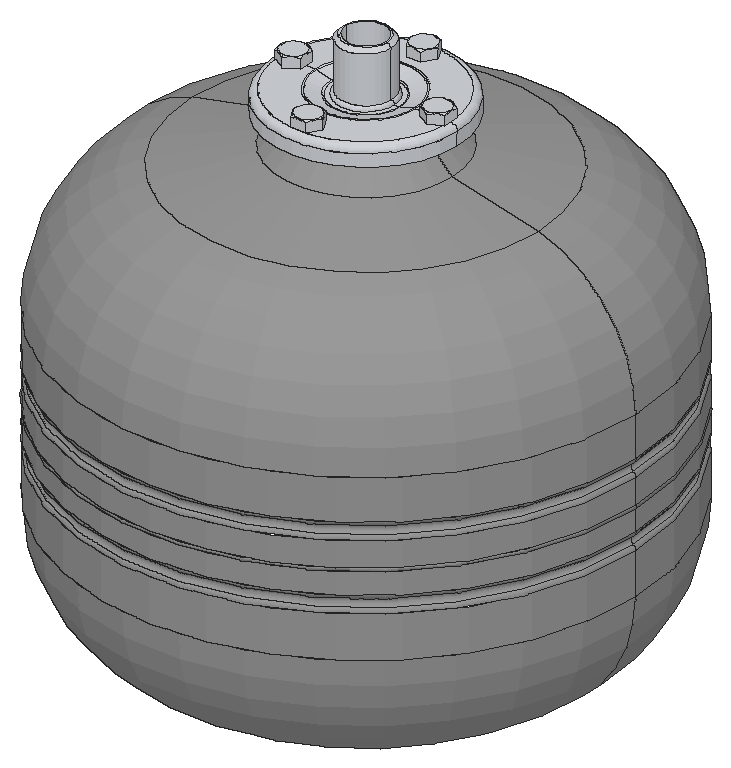
Revit family "WDV 12", category Оборудование, Revit 2014
Parameters
  Описание = "Мембранный бак для ГВС V=12л, Py=12бар, 3/4\""
  Материал крышки = Черная резина
  Матеарил = Белая краска
  Масса кг = "2.2"
  Крышка [instance] = yes
  Комментарии к типоразмеру = "WDV 12"
  Изготовитель = "WESTER"  # constant formula
  URL = "http://www.wester.su/"
Reference planes
  plane 1 "По центру (Вперед/Назад)": y = 0
  plane 2: z = 0
  plane 3 "По центру (Влево/Вправо)": x = 0
  plane 4: z = 161.5
Forms (mm)
  Revolve 1, solid, material "Белая краска" <- "Матеарил"
    sketch origin (-161.5, 0, 141.055) x (0, 0, -1) y (1, 0, 0)
      loop
        line (54.946, 301.504) -> (33.372, 301.504)
        arc (33.372, 301.504) -> (32.108, 301.194) -> (31.13, 300.336) r 2.737
        arc (31.13, 300.336) -> (29.023, 299.111) -> (26.893, 300.295) r 2.465
        arc (26.893, 300.295) -> (25.907, 301.183) -> (24.621, 301.504) r 2.741
        line (24.621, 301.504) -> (13.711, 301.504)
        arc (13.711, 301.504) -> (12.858, 301.772) -> (12.005, 301.504) r 1.491
        line (12.005, 301.504) -> (-0.61, 301.504)
        arc (-0.61, 301.504) -> (-1.897, 301.183) -> (-2.882, 300.295) r 2.741
        arc (-2.882, 300.295) -> (-5.013, 299.111) -> (-7.119, 300.336) r 2.465
        arc (-7.119, 300.336) -> (-8.098, 301.194) -> (-9.361, 301.504) r 2.737
        line (-9.361, 301.504) -> (-30.001, 301.504)
        arc (-30.001, 301.504) -> (-72.022, 287.497) -> (-97.237, 251.081) r 70.04
        arc (-97.237, 251.081) -> (-102.87, 228.789) -> (-106.868, 206.147) r 316.121
        line (-106.868, 206.147) -> (-122.443, 190.572) -> (-122.443, 161.5) -> (124.057, 161.5) -> (124.057, 168.355)
        arc (124.057, 168.355) -> (124.128, 168.929) -> (124.385, 169.448) r 1.727
        line (124.385, 169.448) -> (133.11, 181.457)
        arc (133.11, 181.457) -> (133.947, 183.297) -> (133.994, 185.319) r 5.05
        arc (133.994, 185.319) -> (129.842, 218.58) -> (122.141, 251.204) r 311.646
        arc (122.141, 251.204) -> (96.914, 287.536) -> (54.946, 301.504) r 70.032
      axis (-122.443, 161.5) -> (133.994, 161.5)
    angle from 0 to 360
  Revolve 2, solid
    sketch origin (0, 0, -5.061) x (1, 0, 0) y (0, 0, 1)
      loop
        line (0, 268.559) -> (47.492, 268.559) -> (47.492, 274.974)
        arc (47.492, 274.974) -> (46.496, 277.464) -> (44.023, 278.5) r 3.47
        line (44.023, 278.5) -> (26.157, 278.5)
        arc (26.157, 278.5) -> (25.726, 278.448) -> (25.304, 278.35) r 3.918
        line (25.304, 278.35) -> (17.835, 276.159)
        arc (17.835, 276.159) -> (17.456, 276.04) -> (17.06, 276) r 1.968
        line (17.06, 276) -> (14.531, 276)
        arc (14.531, 276) -> (14.187, 277.207) -> (13.224, 278.012) r 2.132
        line (13.224, 278.012) -> (13.224, 302.006) -> (11.23, 304) -> (10.273, 304) -> (10.273, 278.5) -> (0, 278.5) -> (0, 268.559)
      axis (0, 304) -> (0, 268.559)
    angle from 0 to 360
  Revolve 3, solid
    sketch origin (0, 0, 0) x (1, 0, 0) y (0, 0, 1)
      loop
        line (3.985, 0.986) -> (3.985, 12.498) -> (6.063, 12.498) -> (6.063, 16.998) -> (0, 16.998) -> (0, 3.844) -> (1.586, 3.844) -> (2.15, 3.281) -> (2.15, -0.002) -> (2.997, -0.002) -> (3.985, 0.986)
      axis (0, 16.998) -> (0, -0.002)
    angle from 0 to 360
  Revolve 4, solid, material "Черная резина" <- "Материал крышки", visible <- "Крышка"
    sketch origin (0, 0, 0) x (1, 0, 0) y (0, 0, 1)
      loop
        line (0, -1.16) -> (0, 16.998) -> (-6.855, 16.998) -> (-22.122, 6.308) -> (-14.655, -1.16) -> (0, -1.16)
      axis (0, 16.998) -> (0, -1.16)
    angle from 0 to 360
Dimensions and locks
  aligned and locked: level to plane 2
Nested families
  nested 1: "Болт" at (37.5, 0, 273.498) x (0, -1, 0) z (0, 0, 1), type "Болт"
  nested 2: "Болт" at (0, -37.365, 273.498), type "Болт"
  nested 3: "Болт" at (-37.5, 0, 273.498) x (0, -1, 0) z (0, 0, 1), type "Болт"
  nested 4: "Болт" at (0, 37.635, 273.498), type "Болт"
Connectors
  piping at (0, 0, 298.939), diameter 20
    settings: on Revolve 2, index 1, connector inside diameter 609.6 mm, connector length 0 mm, flow factor 0, pipe flow 0.0 L/s, pressure drop 0.0 Pa, fitting loss kfactor 0, connector angle 0.00°, fixture units 0, engagement length 0 mm, angle of deflection 0.00°, flow configuration 1, flow direction 0, fitting loss method 0, system type 29, joint type 0, gender type 0, connector reference index -1, connector utility 0, adjustable connector no, is connector primary yes, connector description ""
Definition of nested family "Болт"
  Parameters (values of type "Болт")
    Default Elevation = 1219.2 mm
  Reference planes
    plane 1 "По центру (Вперед/Назад)": y = 0
    plane 2: z = 0
    plane 3 "По центру (Влево/Вправо)": x = 0
  Forms (mm)
    Extrusion 1, solid
      sketch origin (0, 0, 0) x (1, 0, 0) y (0, 1, 0)
        loop
          line (-1219.2, 1219.2) -> (-1219.2, -1219.2) -> (1219.2, -1219.2) -> (1219.2, 1219.2) -> (-1219.2, 1219.2)
      from 0 to -304.8
    Extrusion 2, solid, detail levels medium+fine
      sketch origin (0, 0, 0) x (0, 1, 0) y (-1, 0, 0)
        loop
          line (-6.5, -3.753) -> (0, -7.506) -> (6.5, -3.753) -> (6.5, 3.753) -> (0, 7.506) -> (-6.5, 3.753) -> (-6.5, -3.753)
      from 0 to 5.3
    Extrusion 3, solid, detail levels medium+fine
      sketch origin (0, 0, 0) x (1, 0, 0) y (0, 1, 0)
        loop
          circle (0, 0) r 4
      from -14 to 0
    Revolve 4, void
      sketch origin (0, 0, 0) x (1, 0, 0) y (0, 0, 1)
        loop
          line (-7.506, 4.447) -> (-6.413, 5.3) -> (-7.506, 5.3) -> (-7.506, 4.447)
        axis (0, 5.3) -> (0, 4.3)
      angle from 0 to 360
    Revolve 5, void
      sketch origin (0, 0, 0) x (1, 0, 0) y (0, 0, 1)
        loop
          line (-4, -14) -> (-2.365, -14) -> (-4, -12.365) -> (-4, -14)
        axis (0, -12.365) -> (0, -14)
      angle from 0 to 360
  Cuts and joins
    Revolve 4 cuts Extrusion 2
    Revolve 5 cuts Extrusion 3
    joined: Extrusion 2, Extrusion 3
  Dimensions and locks
    aligned and locked: plane 2 to Extrusion 1
    aligned and locked: level to Extrusion 1
    aligned and locked: Revolve 4 sketch curve to plane 3 "По центру (Влево/Вправо)"
    aligned and locked: cut or joined group of Extrusion 2, Extrusion 3, Revolve 4, Revolve 5 to Revolve 4 sketch curve
